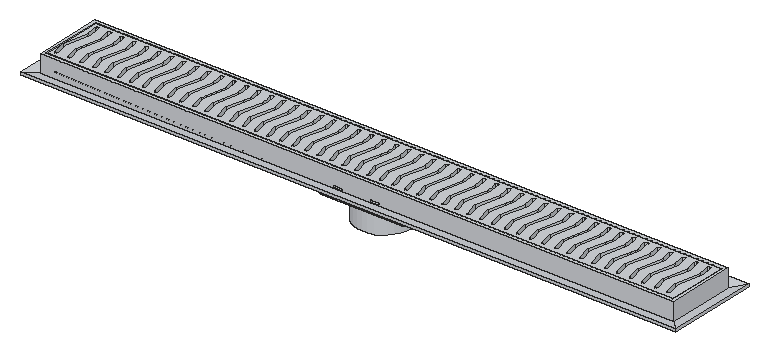
Revit family "Ralo Linear Grelha Branca - Caixas e Ralos - Esgoto - MEP - Tigre", category Plumbing Fixtures, host Face, Revit 2022 (continued)
Automatic sketch dimensions
  Extrusion 25 sketch curve to Extrusion 25 sketch curve = 1.334 mm  (x2)
  Extrusion 25 sketch curve to Extrusion 25 sketch curve = 2.699 mm
  Extrusion 25 sketch curve to Extrusion 25 sketch curve = 2.829 mm
  Extrusion 25 sketch curve to Extrusion 25 sketch curve = 8.683 mm
  Extrusion 25 sketch curve to Extrusion 25 sketch curve = 0.073 mm
  Extrusion 25 sketch curve to Extrusion 25 sketch curve = 1.772 mm
  Extrusion 25 sketch curve to Extrusion 25 sketch curve = 0.239 mm
  Extrusion 25 sketch curve to Extrusion 25 sketch curve = 19.441 mm
  Extrusion 25 sketch curve to Extrusion 25 sketch curve = 0.027 mm
  Extrusion 25 sketch curve to Extrusion 25 sketch curve = 10.736 mm
  Extrusion 25 sketch curve to Extrusion 25 sketch curve = 0.335 mm
  Extrusion 26 sketch curve to Extrusion 26 sketch curve = 1.628 mm
  Extrusion 26 sketch curve to Extrusion 26 sketch curve = 2.805 mm
  Extrusion 26 sketch curve to Extrusion 26 sketch curve = 1.354 mm  (x2)
  Extrusion 26 sketch curve to Extrusion 26 sketch curve = 1.334 mm  (x2)
  Extrusion 26 sketch curve to Extrusion 26 sketch curve = 2.699 mm
  Extrusion 26 sketch curve to Extrusion 26 sketch curve = 2.829 mm
  Extrusion 26 sketch curve to Extrusion 26 sketch curve = 8.683 mm
  Extrusion 26 sketch curve to Extrusion 26 sketch curve = 0.073 mm
  Extrusion 26 sketch curve to Extrusion 26 sketch curve = 1.772 mm
  Extrusion 26 sketch curve to Extrusion 26 sketch curve = 0.239 mm
  Extrusion 26 sketch curve to Extrusion 26 sketch curve = 19.441 mm
  Extrusion 26 sketch curve to Extrusion 26 sketch curve = 0.027 mm
  Extrusion 26 sketch curve to Extrusion 26 sketch curve = 10.736 mm
  Extrusion 26 sketch curve to Extrusion 26 sketch curve = 0.335 mm
  Extrusion 27 sketch curve to Extrusion 27 sketch curve = 1.628 mm
  Extrusion 27 sketch curve to Extrusion 27 sketch curve = 2.805 mm
  Extrusion 27 sketch curve to Extrusion 27 sketch curve = 1.354 mm  (x2)
  Extrusion 27 sketch curve to Extrusion 27 sketch curve = 1.334 mm  (x2)
  Extrusion 27 sketch curve to Extrusion 27 sketch curve = 2.699 mm
  Extrusion 27 sketch curve to Extrusion 27 sketch curve = 2.829 mm
  Extrusion 27 sketch curve to Extrusion 27 sketch curve = 8.683 mm
  Extrusion 27 sketch curve to Extrusion 27 sketch curve = 0.073 mm
  Extrusion 27 sketch curve to Extrusion 27 sketch curve = 1.772 mm
  Extrusion 27 sketch curve to Extrusion 27 sketch curve = 0.239 mm
  Extrusion 27 sketch curve to Extrusion 27 sketch curve = 19.441 mm
  Extrusion 27 sketch curve to Extrusion 27 sketch curve = 0.027 mm
  Extrusion 27 sketch curve to Extrusion 27 sketch curve = 10.736 mm
  Extrusion 27 sketch curve to Extrusion 27 sketch curve = 0.335 mm
  Extrusion 28 sketch curve to Extrusion 28 sketch curve = 1.628 mm
  Extrusion 28 sketch curve to Extrusion 28 sketch curve = 2.805 mm
  Extrusion 28 sketch curve to Extrusion 28 sketch curve = 1.354 mm  (x2)
  Extrusion 28 sketch curve to Extrusion 28 sketch curve = 1.334 mm  (x2)
  Extrusion 28 sketch curve to Extrusion 28 sketch curve = 2.699 mm
  Extrusion 28 sketch curve to Extrusion 28 sketch curve = 2.829 mm
  Extrusion 28 sketch curve to Extrusion 28 sketch curve = 8.683 mm
  Extrusion 28 sketch curve to Extrusion 28 sketch curve = 0.073 mm
  Extrusion 28 sketch curve to Extrusion 28 sketch curve = 1.772 mm
  Extrusion 28 sketch curve to Extrusion 28 sketch curve = 0.239 mm
  Extrusion 28 sketch curve to Extrusion 28 sketch curve = 19.441 mm
  Extrusion 28 sketch curve to Extrusion 28 sketch curve = 0.027 mm
  Extrusion 28 sketch curve to Extrusion 28 sketch curve = 10.736 mm
  Extrusion 28 sketch curve to Extrusion 28 sketch curve = 0.335 mm
  Extrusion 29 sketch curve to Extrusion 29 sketch curve = 1.628 mm
  Extrusion 29 sketch curve to Extrusion 29 sketch curve = 2.805 mm
  Extrusion 29 sketch curve to Extrusion 29 sketch curve = 1.354 mm  (x2)
  Extrusion 29 sketch curve to Extrusion 29 sketch curve = 1.334 mm  (x2)
  Extrusion 29 sketch curve to Extrusion 29 sketch curve = 2.699 mm
  Extrusion 29 sketch curve to Extrusion 29 sketch curve = 2.829 mm
  Extrusion 29 sketch curve to Extrusion 29 sketch curve = 8.683 mm
  Extrusion 29 sketch curve to Extrusion 29 sketch curve = 0.073 mm
  Extrusion 29 sketch curve to Extrusion 29 sketch curve = 1.772 mm
  Extrusion 29 sketch curve to Extrusion 29 sketch curve = 0.239 mm
  Extrusion 29 sketch curve to Extrusion 29 sketch curve = 19.441 mm
  Extrusion 29 sketch curve to Extrusion 29 sketch curve = 0.027 mm
  Extrusion 29 sketch curve to Extrusion 29 sketch curve = 10.736 mm
  Extrusion 29 sketch curve to Extrusion 29 sketch curve = 0.335 mm
  Extrusion 30 sketch curve to Extrusion 30 sketch curve = 1.628 mm
  Extrusion 30 sketch curve to Extrusion 30 sketch curve = 2.805 mm
  Extrusion 30 sketch curve to Extrusion 30 sketch curve = 1.354 mm  (x2)
  Extrusion 30 sketch curve to Extrusion 30 sketch curve = 1.334 mm  (x2)
  Extrusion 30 sketch curve to Extrusion 30 sketch curve = 2.699 mm
  Extrusion 30 sketch curve to Extrusion 30 sketch curve = 2.829 mm
  Extrusion 30 sketch curve to Extrusion 30 sketch curve = 8.683 mm
  Extrusion 30 sketch curve to Extrusion 30 sketch curve = 0.073 mm
  Extrusion 30 sketch curve to Extrusion 30 sketch curve = 1.772 mm
  Extrusion 30 sketch curve to Extrusion 30 sketch curve = 0.239 mm
  Extrusion 30 sketch curve to Extrusion 30 sketch curve = 19.441 mm
  Extrusion 30 sketch curve to Extrusion 30 sketch curve = 0.027 mm
  Extrusion 30 sketch curve to Extrusion 30 sketch curve = 10.736 mm
  Extrusion 30 sketch curve to Extrusion 30 sketch curve = 0.335 mm
  Extrusion 31 sketch curve to Extrusion 31 sketch curve = 1.628 mm
  Extrusion 31 sketch curve to Extrusion 31 sketch curve = 2.805 mm
  Extrusion 31 sketch curve to Extrusion 31 sketch curve = 1.354 mm  (x2)
  Extrusion 31 sketch curve to Extrusion 31 sketch curve = 1.334 mm  (x2)
  Extrusion 31 sketch curve to Extrusion 31 sketch curve = 2.699 mm
  Extrusion 31 sketch curve to Extrusion 31 sketch curve = 2.829 mm
  Extrusion 31 sketch curve to Extrusion 31 sketch curve = 8.683 mm
  Extrusion 31 sketch curve to Extrusion 31 sketch curve = 0.073 mm
  Extrusion 31 sketch curve to Extrusion 31 sketch curve = 1.772 mm
  Extrusion 31 sketch curve to Extrusion 31 sketch curve = 0.239 mm
  Extrusion 31 sketch curve to Extrusion 31 sketch curve = 19.441 mm
  Extrusion 31 sketch curve to Extrusion 31 sketch curve = 0.027 mm
  Extrusion 31 sketch curve to Extrusion 31 sketch curve = 10.736 mm
  Extrusion 31 sketch curve to Extrusion 31 sketch curve = 0.335 mm
  Extrusion 32 sketch curve to Extrusion 32 sketch curve = 1.628 mm
  Extrusion 32 sketch curve to Extrusion 32 sketch curve = 2.805 mm
  Extrusion 32 sketch curve to Extrusion 32 sketch curve = 1.354 mm  (x2)
  Extrusion 32 sketch curve to Extrusion 32 sketch curve = 1.334 mm  (x2)
  Extrusion 32 sketch curve to Extrusion 32 sketch curve = 2.699 mm
  Extrusion 32 sketch curve to Extrusion 32 sketch curve = 2.829 mm
  Extrusion 32 sketch curve to Extrusion 32 sketch curve = 8.683 mm
  Extrusion 32 sketch curve to Extrusion 32 sketch curve = 0.073 mm
  Extrusion 32 sketch curve to Extrusion 32 sketch curve = 1.772 mm
  Extrusion 32 sketch curve to Extrusion 32 sketch curve = 0.239 mm
  Extrusion 32 sketch curve to Extrusion 32 sketch curve = 19.441 mm
  Extrusion 32 sketch curve to Extrusion 32 sketch curve = 0.027 mm
  Extrusion 32 sketch curve to Extrusion 32 sketch curve = 10.736 mm
  Extrusion 32 sketch curve to Extrusion 32 sketch curve = 0.335 mm
  Extrusion 33 sketch curve to Extrusion 33 sketch curve = 1.628 mm
  Extrusion 33 sketch curve to Extrusion 33 sketch curve = 2.805 mm
  Extrusion 33 sketch curve to Extrusion 33 sketch curve = 1.354 mm  (x2)
  Extrusion 33 sketch curve to Extrusion 33 sketch curve = 1.334 mm  (x2)
  Extrusion 33 sketch curve to Extrusion 33 sketch curve = 2.699 mm
  Extrusion 33 sketch curve to Extrusion 33 sketch curve = 2.829 mm
  Extrusion 33 sketch curve to Extrusion 33 sketch curve = 8.683 mm
  Extrusion 33 sketch curve to Extrusion 33 sketch curve = 0.073 mm
  Extrusion 33 sketch curve to Extrusion 33 sketch curve = 1.772 mm
  Extrusion 33 sketch curve to Extrusion 33 sketch curve = 0.239 mm
  Extrusion 33 sketch curve to Extrusion 33 sketch curve = 19.441 mm
  Extrusion 33 sketch curve to Extrusion 33 sketch curve = 0.027 mm
  Extrusion 33 sketch curve to Extrusion 33 sketch curve = 10.736 mm
  Extrusion 33 sketch curve to Extrusion 33 sketch curve = 0.335 mm
  Extrusion 34 sketch curve to Extrusion 34 sketch curve = 1.628 mm
  Extrusion 34 sketch curve to Extrusion 34 sketch curve = 2.805 mm
  Extrusion 34 sketch curve to Extrusion 34 sketch curve = 1.354 mm  (x2)
  Extrusion 34 sketch curve to Extrusion 34 sketch curve = 1.334 mm  (x2)
  Extrusion 34 sketch curve to Extrusion 34 sketch curve = 2.699 mm
  Extrusion 34 sketch curve to Extrusion 34 sketch curve = 2.829 mm
  Extrusion 34 sketch curve to Extrusion 34 sketch curve = 8.683 mm
  Extrusion 34 sketch curve to Extrusion 34 sketch curve = 0.073 mm
  Extrusion 34 sketch curve to Extrusion 34 sketch curve = 1.772 mm
  Extrusion 34 sketch curve to Extrusion 34 sketch curve = 0.239 mm
  Extrusion 34 sketch curve to Extrusion 34 sketch curve = 19.441 mm
  Extrusion 34 sketch curve to Extrusion 34 sketch curve = 0.027 mm
  Extrusion 34 sketch curve to Extrusion 34 sketch curve = 10.736 mm
  Extrusion 34 sketch curve to Extrusion 34 sketch curve = 0.335 mm
  Extrusion 35 sketch curve to Extrusion 35 sketch curve = 1.628 mm
  Extrusion 35 sketch curve to Extrusion 35 sketch curve = 2.805 mm
  Extrusion 35 sketch curve to Extrusion 35 sketch curve = 1.354 mm  (x2)
  Extrusion 35 sketch curve to Extrusion 35 sketch curve = 1.334 mm  (x2)
  Extrusion 35 sketch curve to Extrusion 35 sketch curve = 2.699 mm
  Extrusion 35 sketch curve to Extrusion 35 sketch curve = 2.829 mm
  Extrusion 35 sketch curve to Extrusion 35 sketch curve = 8.683 mm
  Extrusion 35 sketch curve to Extrusion 35 sketch curve = 0.073 mm
  Extrusion 35 sketch curve to Extrusion 35 sketch curve = 1.772 mm
  Extrusion 35 sketch curve to Extrusion 35 sketch curve = 0.239 mm
  Extrusion 35 sketch curve to Extrusion 35 sketch curve = 19.441 mm
  Extrusion 35 sketch curve to Extrusion 35 sketch curve = 0.027 mm
  Extrusion 35 sketch curve to Extrusion 35 sketch curve = 10.736 mm
  Extrusion 35 sketch curve to Extrusion 35 sketch curve = 0.335 mm
  Extrusion 36 sketch curve to Extrusion 36 sketch curve = 1.628 mm
  Extrusion 36 sketch curve to Extrusion 36 sketch curve = 2.805 mm
  Extrusion 36 sketch curve to Extrusion 36 sketch curve = 1.354 mm  (x2)
  Extrusion 36 sketch curve to Extrusion 36 sketch curve = 1.334 mm  (x2)
  Extrusion 36 sketch curve to Extrusion 36 sketch curve = 2.699 mm
  Extrusion 36 sketch curve to Extrusion 36 sketch curve = 2.829 mm
  Extrusion 36 sketch curve to Extrusion 36 sketch curve = 8.683 mm
  Extrusion 36 sketch curve to Extrusion 36 sketch curve = 0.073 mm
  Extrusion 36 sketch curve to Extrusion 36 sketch curve = 1.772 mm
  Extrusion 36 sketch curve to Extrusion 36 sketch curve = 0.239 mm
  Extrusion 36 sketch curve to Extrusion 36 sketch curve = 19.441 mm
  Extrusion 36 sketch curve to Extrusion 36 sketch curve = 0.027 mm
  Extrusion 36 sketch curve to Extrusion 36 sketch curve = 10.736 mm
  Extrusion 36 sketch curve to Extrusion 36 sketch curve = 0.335 mm
  Extrusion 37 sketch curve to Extrusion 37 sketch curve = 2.805 mm
  Extrusion 37 sketch curve to Extrusion 37 sketch curve = 1.354 mm  (x2)
  Extrusion 37 sketch curve to Extrusion 37 sketch curve = 1.334 mm  (x2)
  Extrusion 37 sketch curve to Extrusion 37 sketch curve = 0.239 mm
  Extrusion 37 sketch curve to Extrusion 37 sketch curve = 8.683 mm
  Extrusion 37 sketch curve to Extrusion 37 sketch curve = 0.073 mm
  Extrusion 37 sketch curve to Extrusion 37 sketch curve = 0.027 mm
  Extrusion 37 sketch curve to Extrusion 37 sketch curve = 0.335 mm
  Extrusion 37 sketch curve to Extrusion 37 sketch curve = 1.177 mm
  Extrusion 37 sketch curve to Extrusion 37 sketch curve = 1.772 mm
  Extrusion 37 sketch curve to Extrusion 37 sketch curve = 2.699 mm
  Extrusion 37 sketch curve to Extrusion 37 sketch curve = 2.829 mm
  Extrusion 37 sketch curve to Extrusion 37 sketch curve = 19.441 mm
  Extrusion 37 sketch curve to Extrusion 37 sketch curve = 10.736 mm
  Extrusion 38 sketch curve to Extrusion 38 sketch curve = 2.805 mm
  Extrusion 38 sketch curve to Extrusion 38 sketch curve = 1.354 mm  (x2)
  Extrusion 38 sketch curve to Extrusion 38 sketch curve = 1.334 mm  (x2)
  Extrusion 38 sketch curve to Extrusion 38 sketch curve = 0.239 mm
  Extrusion 38 sketch curve to Extrusion 38 sketch curve = 8.683 mm
  Extrusion 38 sketch curve to Extrusion 38 sketch curve = 0.073 mm
  Extrusion 38 sketch curve to Extrusion 38 sketch curve = 0.027 mm
  Extrusion 38 sketch curve to Extrusion 38 sketch curve = 0.335 mm
  Extrusion 38 sketch curve to Extrusion 38 sketch curve = 1.177 mm
  Extrusion 38 sketch curve to Extrusion 38 sketch curve = 1.772 mm
  Extrusion 38 sketch curve to Extrusion 38 sketch curve = 2.699 mm
  Extrusion 38 sketch curve to Extrusion 38 sketch curve = 2.829 mm
  Extrusion 38 sketch curve to Extrusion 38 sketch curve = 19.441 mm
  Extrusion 38 sketch curve to Extrusion 38 sketch curve = 10.736 mm
  Extrusion 39 sketch curve to Extrusion 39 sketch curve = 2.805 mm
  Extrusion 39 sketch curve to Extrusion 39 sketch curve = 1.354 mm  (x2)
  Extrusion 39 sketch curve to Extrusion 39 sketch curve = 1.334 mm  (x2)
  Extrusion 39 sketch curve to Extrusion 39 sketch curve = 0.239 mm
  Extrusion 39 sketch curve to Extrusion 39 sketch curve = 8.683 mm
  Extrusion 39 sketch curve to Extrusion 39 sketch curve = 0.073 mm
  Extrusion 39 sketch curve to Extrusion 39 sketch curve = 0.027 mm
  Extrusion 39 sketch curve to Extrusion 39 sketch curve = 0.335 mm
  Extrusion 39 sketch curve to Extrusion 39 sketch curve = 1.177 mm
  Extrusion 39 sketch curve to Extrusion 39 sketch curve = 1.772 mm
  Extrusion 39 sketch curve to Extrusion 39 sketch curve = 2.699 mm
  Extrusion 39 sketch curve to Extrusion 39 sketch curve = 2.829 mm
  Extrusion 39 sketch curve to Extrusion 39 sketch curve = 19.441 mm
  Extrusion 39 sketch curve to Extrusion 39 sketch curve = 10.736 mm
  Extrusion 40 sketch curve to Extrusion 40 sketch curve = 2.805 mm
  Extrusion 40 sketch curve to Extrusion 40 sketch curve = 1.354 mm  (x2)
  Extrusion 40 sketch curve to Extrusion 40 sketch curve = 1.334 mm  (x2)
  Extrusion 40 sketch curve to Extrusion 40 sketch curve = 0.239 mm
  Extrusion 40 sketch curve to Extrusion 40 sketch curve = 8.683 mm
  Extrusion 40 sketch curve to Extrusion 40 sketch curve = 0.073 mm
  Extrusion 40 sketch curve to Extrusion 40 sketch curve = 0.027 mm
  Extrusion 40 sketch curve to Extrusion 40 sketch curve = 0.335 mm
  Extrusion 40 sketch curve to Extrusion 40 sketch curve = 1.177 mm
  Extrusion 40 sketch curve to Extrusion 40 sketch curve = 1.772 mm
  Extrusion 40 sketch curve to Extrusion 40 sketch curve = 2.699 mm
  Extrusion 40 sketch curve to Extrusion 40 sketch curve = 2.829 mm
  Extrusion 40 sketch curve to Extrusion 40 sketch curve = 19.441 mm
  Extrusion 40 sketch curve to Extrusion 40 sketch curve = 10.736 mm
  Extrusion 41 sketch curve to Extrusion 41 sketch curve = 2.805 mm
  Extrusion 41 sketch curve to Extrusion 41 sketch curve = 1.354 mm  (x2)
  Extrusion 41 sketch curve to Extrusion 41 sketch curve = 1.334 mm  (x2)
  Extrusion 41 sketch curve to Extrusion 41 sketch curve = 0.239 mm
  Extrusion 41 sketch curve to Extrusion 41 sketch curve = 8.683 mm
  Extrusion 41 sketch curve to Extrusion 41 sketch curve = 0.073 mm
  Extrusion 41 sketch curve to Extrusion 41 sketch curve = 0.027 mm
  Extrusion 41 sketch curve to Extrusion 41 sketch curve = 0.335 mm
  Extrusion 41 sketch curve to Extrusion 41 sketch curve = 1.177 mm
  Extrusion 41 sketch curve to Extrusion 41 sketch curve = 1.772 mm
  Extrusion 41 sketch curve to Extrusion 41 sketch curve = 2.699 mm
  Extrusion 41 sketch curve to Extrusion 41 sketch curve = 2.829 mm
  Extrusion 41 sketch curve to Extrusion 41 sketch curve = 19.441 mm
  Extrusion 41 sketch curve to Extrusion 41 sketch curve = 10.736 mm
  Extrusion 42 sketch curve to Extrusion 42 sketch curve = 2.805 mm
  Extrusion 42 sketch curve to Extrusion 42 sketch curve = 1.354 mm  (x2)
  Extrusion 42 sketch curve to Extrusion 42 sketch curve = 1.334 mm  (x2)
  Extrusion 42 sketch curve to Extrusion 42 sketch curve = 0.239 mm
  Extrusion 42 sketch curve to Extrusion 42 sketch curve = 8.683 mm
  Extrusion 42 sketch curve to Extrusion 42 sketch curve = 0.073 mm
  Extrusion 42 sketch curve to Extrusion 42 sketch curve = 0.027 mm
  Extrusion 42 sketch curve to Extrusion 42 sketch curve = 0.335 mm
  Extrusion 42 sketch curve to Extrusion 42 sketch curve = 1.177 mm
  Extrusion 42 sketch curve to Extrusion 42 sketch curve = 1.772 mm
  Extrusion 42 sketch curve to Extrusion 42 sketch curve = 2.699 mm
  Extrusion 42 sketch curve to Extrusion 42 sketch curve = 2.829 mm
  Extrusion 42 sketch curve to Extrusion 42 sketch curve = 19.441 mm
  Extrusion 42 sketch curve to Extrusion 42 sketch curve = 10.736 mm
  Extrusion 43 sketch curve to Extrusion 43 sketch curve = 2.805 mm
  Extrusion 43 sketch curve to Extrusion 43 sketch curve = 1.354 mm  (x2)
  Extrusion 43 sketch curve to Extrusion 43 sketch curve = 1.334 mm  (x2)
  Extrusion 43 sketch curve to Extrusion 43 sketch curve = 0.239 mm
  Extrusion 43 sketch curve to Extrusion 43 sketch curve = 8.683 mm
  Extrusion 43 sketch curve to Extrusion 43 sketch curve = 0.073 mm
  Extrusion 43 sketch curve to Extrusion 43 sketch curve = 0.027 mm
  Extrusion 43 sketch curve to Extrusion 43 sketch curve = 0.335 mm
  Extrusion 43 sketch curve to Extrusion 43 sketch curve = 1.177 mm
  Extrusion 43 sketch curve to Extrusion 43 sketch curve = 1.772 mm
  Extrusion 43 sketch curve to Extrusion 43 sketch curve = 2.699 mm
  Extrusion 43 sketch curve to Extrusion 43 sketch curve = 2.829 mm
  Extrusion 43 sketch curve to Extrusion 43 sketch curve = 19.441 mm
  Extrusion 43 sketch curve to Extrusion 43 sketch curve = 10.736 mm
  Extrusion 44 sketch curve to Extrusion 44 sketch curve = 2.805 mm
  Extrusion 44 sketch curve to Extrusion 44 sketch curve = 1.354 mm  (x2)
  Extrusion 44 sketch curve to Extrusion 44 sketch curve = 1.334 mm  (x2)
  Extrusion 44 sketch curve to Extrusion 44 sketch curve = 0.239 mm
  Extrusion 44 sketch curve to Extrusion 44 sketch curve = 8.683 mm
  Extrusion 44 sketch curve to Extrusion 44 sketch curve = 0.073 mm
  Extrusion 44 sketch curve to Extrusion 44 sketch curve = 0.027 mm
  Extrusion 44 sketch curve to Extrusion 44 sketch curve = 0.335 mm
  Extrusion 44 sketch curve to Extrusion 44 sketch curve = 1.177 mm
  Extrusion 44 sketch curve to Extrusion 44 sketch curve = 1.772 mm
  Extrusion 44 sketch curve to Extrusion 44 sketch curve = 2.699 mm
  Extrusion 44 sketch curve to Extrusion 44 sketch curve = 2.829 mm
  Extrusion 44 sketch curve to Extrusion 44 sketch curve = 19.441 mm
  Extrusion 44 sketch curve to Extrusion 44 sketch curve = 10.736 mm
  Extrusion 45 sketch curve to Extrusion 45 sketch curve = 2.805 mm
  Extrusion 45 sketch curve to Extrusion 45 sketch curve = 1.354 mm  (x2)
  Extrusion 45 sketch curve to Extrusion 45 sketch curve = 1.334 mm  (x2)
  Extrusion 45 sketch curve to Extrusion 45 sketch curve = 0.239 mm
  Extrusion 45 sketch curve to Extrusion 45 sketch curve = 8.683 mm
  Extrusion 45 sketch curve to Extrusion 45 sketch curve = 0.073 mm
  Extrusion 45 sketch curve to Extrusion 45 sketch curve = 0.027 mm
  Extrusion 45 sketch curve to Extrusion 45 sketch curve = 0.335 mm
  Extrusion 45 sketch curve to Extrusion 45 sketch curve = 1.177 mm
  Extrusion 45 sketch curve to Extrusion 45 sketch curve = 1.772 mm
  Extrusion 45 sketch curve to Extrusion 45 sketch curve = 2.699 mm
  Extrusion 45 sketch curve to Extrusion 45 sketch curve = 2.829 mm
  Extrusion 45 sketch curve to Extrusion 45 sketch curve = 19.441 mm
  Extrusion 45 sketch curve to Extrusion 45 sketch curve = 10.736 mm
  Extrusion 46 sketch curve to Extrusion 46 sketch curve = 2.805 mm
  Extrusion 46 sketch curve to Extrusion 46 sketch curve = 1.354 mm  (x2)
  Extrusion 46 sketch curve to Extrusion 46 sketch curve = 1.334 mm  (x2)
  Extrusion 46 sketch curve to Extrusion 46 sketch curve = 0.239 mm
  Extrusion 46 sketch curve to Extrusion 46 sketch curve = 8.683 mm
  Extrusion 46 sketch curve to Extrusion 46 sketch curve = 0.073 mm
  Extrusion 46 sketch curve to Extrusion 46 sketch curve = 0.027 mm
  Extrusion 46 sketch curve to Extrusion 46 sketch curve = 0.335 mm
  Extrusion 46 sketch curve to Extrusion 46 sketch curve = 1.177 mm
  Extrusion 46 sketch curve to Extrusion 46 sketch curve = 1.772 mm
  Extrusion 46 sketch curve to Extrusion 46 sketch curve = 2.699 mm
  Extrusion 46 sketch curve to Extrusion 46 sketch curve = 2.829 mm
  Extrusion 46 sketch curve to Extrusion 46 sketch curve = 19.441 mm
  Extrusion 46 sketch curve to Extrusion 46 sketch curve = 10.736 mm
  Extrusion 47 sketch curve to Extrusion 47 sketch curve = 2.805 mm
  Extrusion 47 sketch curve to Extrusion 47 sketch curve = 1.354 mm  (x2)
  Extrusion 47 sketch curve to Extrusion 47 sketch curve = 1.334 mm  (x2)
  Extrusion 47 sketch curve to Extrusion 47 sketch curve = 0.239 mm
  Extrusion 47 sketch curve to Extrusion 47 sketch curve = 8.683 mm
  Extrusion 47 sketch curve to Extrusion 47 sketch curve = 0.073 mm
  Extrusion 47 sketch curve to Extrusion 47 sketch curve = 0.027 mm
  Extrusion 47 sketch curve to Extrusion 47 sketch curve = 0.335 mm
  Extrusion 47 sketch curve to Extrusion 47 sketch curve = 1.177 mm
  Extrusion 47 sketch curve to Extrusion 47 sketch curve = 1.772 mm
  Extrusion 47 sketch curve to Extrusion 47 sketch curve = 2.699 mm
  Extrusion 47 sketch curve to Extrusion 47 sketch curve = 2.829 mm
  Extrusion 47 sketch curve to Extrusion 47 sketch curve = 19.441 mm
  Extrusion 47 sketch curve to Extrusion 47 sketch curve = 10.736 mm
  Extrusion 48 sketch curve to Extrusion 48 sketch curve = 2.805 mm
  Extrusion 48 sketch curve to Extrusion 48 sketch curve = 1.354 mm  (x2)
  Extrusion 48 sketch curve to Extrusion 48 sketch curve = 1.334 mm  (x2)
  Extrusion 48 sketch curve to Extrusion 48 sketch curve = 0.239 mm
  Extrusion 48 sketch curve to Extrusion 48 sketch curve = 8.683 mm
  Extrusion 48 sketch curve to Extrusion 48 sketch curve = 0.073 mm
  Extrusion 48 sketch curve to Extrusion 48 sketch curve = 0.027 mm
  Extrusion 48 sketch curve to Extrusion 48 sketch curve = 0.335 mm
  Extrusion 48 sketch curve to Extrusion 48 sketch curve = 1.177 mm
  Extrusion 48 sketch curve to Extrusion 48 sketch curve = 1.772 mm
  Extrusion 48 sketch curve to Extrusion 48 sketch curve = 2.699 mm
  Extrusion 48 sketch curve to Extrusion 48 sketch curve = 2.829 mm
  Extrusion 48 sketch curve to Extrusion 48 sketch curve = 19.441 mm
  Extrusion 48 sketch curve to Extrusion 48 sketch curve = 10.736 mm
  Extrusion 49 sketch curve to Extrusion 49 sketch curve = 2.805 mm
  Extrusion 49 sketch curve to Extrusion 49 sketch curve = 1.354 mm  (x2)
  Extrusion 49 sketch curve to Extrusion 49 sketch curve = 1.334 mm  (x2)
  Extrusion 49 sketch curve to Extrusion 49 sketch curve = 0.239 mm
  Extrusion 49 sketch curve to Extrusion 49 sketch curve = 8.683 mm
  Extrusion 49 sketch curve to Extrusion 49 sketch curve = 0.073 mm
  Extrusion 49 sketch curve to Extrusion 49 sketch curve = 0.027 mm
  Extrusion 49 sketch curve to Extrusion 49 sketch curve = 0.335 mm
  Extrusion 49 sketch curve to Extrusion 49 sketch curve = 1.177 mm
  Extrusion 49 sketch curve to Extrusion 49 sketch curve = 1.772 mm
  Extrusion 49 sketch curve to Extrusion 49 sketch curve = 2.699 mm
  Extrusion 49 sketch curve to Extrusion 49 sketch curve = 2.829 mm
  Extrusion 49 sketch curve to Extrusion 49 sketch curve = 19.441 mm
  Extrusion 49 sketch curve to Extrusion 49 sketch curve = 10.736 mm
  Extrusion 50 sketch curve to Extrusion 50 sketch curve = 2.805 mm
  Extrusion 50 sketch curve to Extrusion 50 sketch curve = 1.354 mm  (x2)
  Extrusion 50 sketch curve to Extrusion 50 sketch curve = 1.334 mm  (x2)
  Extrusion 50 sketch curve to Extrusion 50 sketch curve = 0.239 mm
  Extrusion 50 sketch curve to Extrusion 50 sketch curve = 8.683 mm
  Extrusion 50 sketch curve to Extrusion 50 sketch curve = 0.073 mm
  Extrusion 50 sketch curve to Extrusion 50 sketch curve = 0.027 mm
  Extrusion 50 sketch curve to Extrusion 50 sketch curve = 0.335 mm
  Extrusion 50 sketch curve to Extrusion 50 sketch curve = 1.177 mm
  Extrusion 50 sketch curve to Extrusion 50 sketch curve = 1.772 mm
  Extrusion 50 sketch curve to Extrusion 50 sketch curve = 2.699 mm
  Extrusion 50 sketch curve to Extrusion 50 sketch curve = 2.829 mm
  Extrusion 50 sketch curve to Extrusion 50 sketch curve = 19.441 mm
  Extrusion 50 sketch curve to Extrusion 50 sketch curve = 10.736 mm
  Extrusion 51 sketch curve to Extrusion 51 sketch curve = 2.805 mm
  Extrusion 51 sketch curve to Extrusion 51 sketch curve = 1.354 mm  (x2)
  Extrusion 51 sketch curve to Extrusion 51 sketch curve = 1.334 mm  (x2)
  Extrusion 51 sketch curve to Extrusion 51 sketch curve = 0.239 mm
  Extrusion 51 sketch curve to Extrusion 51 sketch curve = 8.683 mm
  Extrusion 51 sketch curve to Extrusion 51 sketch curve = 0.073 mm
  Extrusion 51 sketch curve to Extrusion 51 sketch curve = 0.027 mm
  Extrusion 51 sketch curve to Extrusion 51 sketch curve = 0.335 mm
  Extrusion 51 sketch curve to Extrusion 51 sketch curve = 1.177 mm
  Extrusion 51 sketch curve to Extrusion 51 sketch curve = 1.772 mm
  Extrusion 51 sketch curve to Extrusion 51 sketch curve = 2.699 mm
  Extrusion 51 sketch curve to Extrusion 51 sketch curve = 2.829 mm
  Extrusion 51 sketch curve to Extrusion 51 sketch curve = 19.441 mm
  Extrusion 51 sketch curve to Extrusion 51 sketch curve = 10.736 mm
  Extrusion 52 sketch curve to Extrusion 52 sketch curve = 2.805 mm
  Extrusion 52 sketch curve to Extrusion 52 sketch curve = 1.354 mm  (x2)
  Extrusion 52 sketch curve to Extrusion 52 sketch curve = 1.334 mm  (x2)
  Extrusion 52 sketch curve to Extrusion 52 sketch curve = 0.239 mm
  Extrusion 52 sketch curve to Extrusion 52 sketch curve = 8.683 mm
  Extrusion 52 sketch curve to Extrusion 52 sketch curve = 0.073 mm
  Extrusion 52 sketch curve to Extrusion 52 sketch curve = 0.027 mm
  Extrusion 52 sketch curve to Extrusion 52 sketch curve = 0.335 mm
  Extrusion 52 sketch curve to Extrusion 52 sketch curve = 1.177 mm
  Extrusion 52 sketch curve to Extrusion 52 sketch curve = 1.772 mm
  Extrusion 52 sketch curve to Extrusion 52 sketch curve = 2.699 mm
  Extrusion 52 sketch curve to Extrusion 52 sketch curve = 2.829 mm
  Extrusion 52 sketch curve to Extrusion 52 sketch curve = 19.441 mm
  Extrusion 52 sketch curve to Extrusion 52 sketch curve = 10.736 mm
  Extrusion 53 sketch curve to Extrusion 53 sketch curve = 2.805 mm
  Extrusion 53 sketch curve to Extrusion 53 sketch curve = 1.354 mm  (x2)
  Extrusion 53 sketch curve to Extrusion 53 sketch curve = 1.334 mm  (x2)
  Extrusion 53 sketch curve to Extrusion 53 sketch curve = 0.239 mm
  Extrusion 53 sketch curve to Extrusion 53 sketch curve = 8.683 mm
  Extrusion 53 sketch curve to Extrusion 53 sketch curve = 0.073 mm
  Extrusion 53 sketch curve to Extrusion 53 sketch curve = 0.027 mm
  Extrusion 53 sketch curve to Extrusion 53 sketch curve = 0.335 mm
  Extrusion 53 sketch curve to Extrusion 53 sketch curve = 1.177 mm
  Extrusion 53 sketch curve to Extrusion 53 sketch curve = 1.772 mm
  Extrusion 53 sketch curve to Extrusion 53 sketch curve = 2.699 mm
  Extrusion 53 sketch curve to Extrusion 53 sketch curve = 2.829 mm
  Extrusion 53 sketch curve to Extrusion 53 sketch curve = 19.441 mm
  Extrusion 53 sketch curve to Extrusion 53 sketch curve = 10.736 mm
  Extrusion 54 sketch curve to Extrusion 54 sketch curve = 2.805 mm
  Extrusion 54 sketch curve to Extrusion 54 sketch curve = 1.354 mm  (x2)
  Extrusion 54 sketch curve to Extrusion 54 sketch curve = 1.334 mm  (x2)
  Extrusion 54 sketch curve to Extrusion 54 sketch curve = 0.239 mm
  Extrusion 54 sketch curve to Extrusion 54 sketch curve = 8.683 mm
  Extrusion 54 sketch curve to Extrusion 54 sketch curve = 0.073 mm
  Extrusion 54 sketch curve to Extrusion 54 sketch curve = 0.027 mm
  Extrusion 54 sketch curve to Extrusion 54 sketch curve = 0.335 mm
  Extrusion 54 sketch curve to Extrusion 54 sketch curve = 1.177 mm
  Extrusion 54 sketch curve to Extrusion 54 sketch curve = 1.772 mm
  Extrusion 54 sketch curve to Extrusion 54 sketch curve = 2.699 mm
  Extrusion 54 sketch curve to Extrusion 54 sketch curve = 2.829 mm
  Extrusion 54 sketch curve to Extrusion 54 sketch curve = 19.441 mm
  Extrusion 54 sketch curve to Extrusion 54 sketch curve = 10.736 mm
  Extrusion 55 sketch curve to Extrusion 55 sketch curve = 2.805 mm
  Extrusion 55 sketch curve to Extrusion 55 sketch curve = 1.354 mm  (x2)
  Extrusion 55 sketch curve to Extrusion 55 sketch curve = 1.334 mm  (x2)
  Extrusion 55 sketch curve to Extrusion 55 sketch curve = 0.239 mm
  Extrusion 55 sketch curve to Extrusion 55 sketch curve = 8.683 mm
  Extrusion 55 sketch curve to Extrusion 55 sketch curve = 0.073 mm
  Extrusion 55 sketch curve to Extrusion 55 sketch curve = 0.027 mm
  Extrusion 55 sketch curve to Extrusion 55 sketch curve = 0.335 mm
  Extrusion 55 sketch curve to Extrusion 55 sketch curve = 1.177 mm
  Extrusion 55 sketch curve to Extrusion 55 sketch curve = 1.772 mm
  Extrusion 55 sketch curve to Extrusion 55 sketch curve = 2.699 mm
  Extrusion 55 sketch curve to Extrusion 55 sketch curve = 2.829 mm
  Extrusion 55 sketch curve to Extrusion 55 sketch curve = 19.441 mm
  Extrusion 55 sketch curve to Extrusion 55 sketch curve = 10.736 mm
  Extrusion 56 sketch curve to Extrusion 56 sketch curve = 2.805 mm
  Extrusion 56 sketch curve to Extrusion 56 sketch curve = 1.354 mm  (x2)
  Extrusion 56 sketch curve to Extrusion 56 sketch curve = 1.334 mm  (x2)
  Extrusion 56 sketch curve to Extrusion 56 sketch curve = 0.239 mm
  Extrusion 56 sketch curve to Extrusion 56 sketch curve = 8.683 mm
  Extrusion 56 sketch curve to Extrusion 56 sketch curve = 0.073 mm
  Extrusion 56 sketch curve to Extrusion 56 sketch curve = 0.027 mm
  Extrusion 56 sketch curve to Extrusion 56 sketch curve = 0.335 mm
  Extrusion 56 sketch curve to Extrusion 56 sketch curve = 1.177 mm
  Extrusion 56 sketch curve to Extrusion 56 sketch curve = 1.772 mm
  Extrusion 56 sketch curve to Extrusion 56 sketch curve = 2.699 mm
  Extrusion 56 sketch curve to Extrusion 56 sketch curve = 2.829 mm
  Extrusion 56 sketch curve to Extrusion 56 sketch curve = 19.441 mm
  Extrusion 56 sketch curve to Extrusion 56 sketch curve = 10.736 mm
  Extrusion 57 sketch curve to Extrusion 57 sketch curve = 2.805 mm
  Extrusion 57 sketch curve to Extrusion 57 sketch curve = 1.354 mm  (x2)
  Extrusion 57 sketch curve to Extrusion 57 sketch curve = 1.334 mm  (x2)
  Extrusion 57 sketch curve to Extrusion 57 sketch curve = 0.239 mm
  Extrusion 57 sketch curve to Extrusion 57 sketch curve = 8.683 mm
  Extrusion 57 sketch curve to Extrusion 57 sketch curve = 0.073 mm
  Extrusion 57 sketch curve to Extrusion 57 sketch curve = 0.027 mm
  Extrusion 57 sketch curve to Extrusion 57 sketch curve = 0.335 mm
  Extrusion 57 sketch curve to Extrusion 57 sketch curve = 1.177 mm
  Extrusion 57 sketch curve to Extrusion 57 sketch curve = 1.772 mm
  Extrusion 57 sketch curve to Extrusion 57 sketch curve = 2.699 mm
  Extrusion 57 sketch curve to Extrusion 57 sketch curve = 2.829 mm
  Extrusion 57 sketch curve to Extrusion 57 sketch curve = 19.441 mm
  Extrusion 57 sketch curve to Extrusion 57 sketch curve = 10.736 mm
  Extrusion 58 sketch curve to Extrusion 58 sketch curve = 2.805 mm
  Extrusion 58 sketch curve to Extrusion 58 sketch curve = 1.354 mm  (x2)
  Extrusion 58 sketch curve to Extrusion 58 sketch curve = 1.334 mm  (x2)
  Extrusion 58 sketch curve to Extrusion 58 sketch curve = 0.239 mm
  Extrusion 58 sketch curve to Extrusion 58 sketch curve = 8.683 mm
  Extrusion 58 sketch curve to Extrusion 58 sketch curve = 0.073 mm
  Extrusion 58 sketch curve to Extrusion 58 sketch curve = 0.027 mm
  Extrusion 58 sketch curve to Extrusion 58 sketch curve = 0.335 mm
  Extrusion 58 sketch curve to Extrusion 58 sketch curve = 1.177 mm
  Extrusion 58 sketch curve to Extrusion 58 sketch curve = 1.772 mm
  Extrusion 58 sketch curve to Extrusion 58 sketch curve = 2.699 mm
  Extrusion 58 sketch curve to Extrusion 58 sketch curve = 2.829 mm
  Extrusion 58 sketch curve to Extrusion 58 sketch curve = 19.441 mm
  Extrusion 58 sketch curve to Extrusion 58 sketch curve = 10.736 mm
  Extrusion 59 sketch curve to Extrusion 59 sketch curve = 2.805 mm
  Extrusion 59 sketch curve to Extrusion 59 sketch curve = 1.354 mm  (x2)
  Extrusion 59 sketch curve to Extrusion 59 sketch curve = 1.334 mm  (x2)
  Extrusion 59 sketch curve to Extrusion 59 sketch curve = 0.239 mm
  Extrusion 59 sketch curve to Extrusion 59 sketch curve = 8.683 mm
  Extrusion 59 sketch curve to Extrusion 59 sketch curve = 0.073 mm
  Extrusion 59 sketch curve to Extrusion 59 sketch curve = 0.027 mm
  Extrusion 59 sketch curve to Extrusion 59 sketch curve = 0.335 mm
  Extrusion 59 sketch curve to Extrusion 59 sketch curve = 1.177 mm
  Extrusion 59 sketch curve to Extrusion 59 sketch curve = 1.772 mm
  Extrusion 59 sketch curve to Extrusion 59 sketch curve = 2.699 mm
  Extrusion 59 sketch curve to Extrusion 59 sketch curve = 2.829 mm
  Extrusion 59 sketch curve to Extrusion 59 sketch curve = 19.441 mm
  Extrusion 59 sketch curve to Extrusion 59 sketch curve = 10.736 mm
  Extrusion 60 sketch curve to Extrusion 60 sketch curve = 2.805 mm
  Extrusion 60 sketch curve to Extrusion 60 sketch curve = 1.354 mm  (x2)
  Extrusion 60 sketch curve to Extrusion 60 sketch curve = 1.334 mm  (x2)
  Extrusion 60 sketch curve to Extrusion 60 sketch curve = 0.239 mm
  Extrusion 60 sketch curve to Extrusion 60 sketch curve = 8.683 mm
  Extrusion 60 sketch curve to Extrusion 60 sketch curve = 0.073 mm
  Extrusion 60 sketch curve to Extrusion 60 sketch curve = 0.027 mm
  Extrusion 60 sketch curve to Extrusion 60 sketch curve = 0.335 mm
  Extrusion 60 sketch curve to Extrusion 60 sketch curve = 1.177 mm
  Extrusion 60 sketch curve to Extrusion 60 sketch curve = 1.772 mm
  Extrusion 60 sketch curve to Extrusion 60 sketch curve = 2.699 mm
  Extrusion 60 sketch curve to Extrusion 60 sketch curve = 2.829 mm
  Extrusion 60 sketch curve to Extrusion 60 sketch curve = 19.441 mm
  Extrusion 60 sketch curve to Extrusion 60 sketch curve = 10.736 mm
  Extrusion 61 sketch curve to Extrusion 61 sketch curve = 2.805 mm
  Extrusion 61 sketch curve to Extrusion 61 sketch curve = 1.354 mm  (x2)
  Extrusion 61 sketch curve to Extrusion 61 sketch curve = 1.334 mm  (x2)
  Extrusion 61 sketch curve to Extrusion 61 sketch curve = 0.239 mm
  Extrusion 61 sketch curve to Extrusion 61 sketch curve = 8.683 mm
  Extrusion 61 sketch curve to Extrusion 61 sketch curve = 0.073 mm
  Extrusion 61 sketch curve to Extrusion 61 sketch curve = 0.027 mm
  Extrusion 61 sketch curve to Extrusion 61 sketch curve = 0.335 mm
  Extrusion 61 sketch curve to Extrusion 61 sketch curve = 1.177 mm
  Extrusion 61 sketch curve to Extrusion 61 sketch curve = 1.772 mm
  Extrusion 61 sketch curve to Extrusion 61 sketch curve = 2.699 mm
  Extrusion 61 sketch curve to Extrusion 61 sketch curve = 2.829 mm
  Extrusion 61 sketch curve to Extrusion 61 sketch curve = 19.441 mm
  Extrusion 61 sketch curve to Extrusion 61 sketch curve = 10.736 mm
  host sketch curve to host sketch curve = 820.712 mm
  host sketch curve to host sketch curve = 289.078 mm
  Blend 1 sketch curve to level = 0.00 mm  (x2)
  Blend 1 sketch curve to plane 17 = 0.00 mm  (x2)
  Blend 1 sketch curve to plane 15 = 0.00 mm  (x2)
  plane 8 to Blend 1 sketch curve = 2.042 mm  (x2)
  plane 22 to Blend 1 sketch curve = 7.076 mm
  plane 8 to Blend 1 sketch curve = 3.951 mm  (x2)
  Blend 1 sketch curve to Blend 1 sketch curve = 0.547 mm  (x2)
  Blend 1 sketch curve to Blend 1 sketch curve = 1.923 mm  (x2)
  plane 8 to Blend 1 sketch curve = 3.40 mm
  plane 21 to Blend 1 sketch curve = 9.546 mm
  plane 22 to Blend 1 sketch curve = 3.856 mm
  plane 22 to Blend 1 sketch curve = 5.598 mm
  Blend 1 sketch curve to Blend 1 sketch curve = 1.936 mm
  plane 21 to Blend 1 sketch curve = 7.516 mm
  Blend 1 sketch curve to Blend 1 sketch curve = 1.933 mm
  plane 21 to Blend 1 sketch curve = 3.856 mm
  plane 8 to Blend 1 sketch curve = 2.341 mm  (x2)
  Blend 1 sketch curve to plane 6 = 4.575 mm
  Blend 1 sketch curve to Blend 1 sketch curve = 5.626 mm
  Blend 1 sketch curve to Blend 1 sketch curve = 0.376 mm
  Extrusion 2 sketch curve to plane 17 = 0.00 mm
  Extrusion 2 sketch curve to plane 15 = 0.00 mm
  plane 8 to Extrusion 2 sketch curve = 2.042 mm  (x2)
  plane 22 to Extrusion 2 sketch curve = 7.076 mm
  plane 8 to Extrusion 2 sketch curve = 3.951 mm  (x2)
  Extrusion 2 sketch curve to Extrusion 2 sketch curve = 0.547 mm  (x2)
  Extrusion 2 sketch curve to Extrusion 2 sketch curve = 1.923 mm  (x2)
  plane 8 to Extrusion 2 sketch curve = 3.40 mm
  plane 21 to Extrusion 2 sketch curve = 9.546 mm
  Blend 3 sketch curve to level = 0.00 mm  (x2)
  Blend 3 sketch curve to plane 17 = 0.00 mm  (x2)
  Blend 3 sketch curve to plane 15 = 0.00 mm  (x2)
  plane 8 to Blend 3 sketch curve = 2.042 mm  (x2)
  plane 22 to Blend 3 sketch curve = 7.076 mm
  plane 8 to Blend 3 sketch curve = 3.951 mm  (x2)
  Blend 3 sketch curve to Blend 3 sketch curve = 0.547 mm  (x2)
  Blend 3 sketch curve to Blend 3 sketch curve = 1.923 mm  (x2)
  plane 21 to Blend 3 sketch curve = 9.546 mm
  Blend 3 sketch curve to Blend 3 sketch curve = 0.551 mm
  plane 22 to Blend 3 sketch curve = 3.856 mm
  plane 22 to Blend 3 sketch curve = 5.598 mm
  Blend 3 sketch curve to Blend 3 sketch curve = 1.936 mm
  plane 21 to Blend 3 sketch curve = 7.516 mm
  Blend 3 sketch curve to Blend 3 sketch curve = 1.933 mm
  plane 21 to Blend 3 sketch curve = 3.856 mm
  plane 8 to Blend 3 sketch curve = 2.341 mm  (x2)
  Blend 3 sketch curve to plane 6 = 4.575 mm
  Blend 3 sketch curve to Blend 3 sketch curve = 5.626 mm
  Blend 3 sketch curve to Blend 3 sketch curve = 0.376 mm
  Blend 4 sketch curve to level = 0.00 mm  (x2)
  Blend 4 sketch curve to plane 18 = 0.00 mm  (x2)
  Blend 4 sketch curve to plane 16 = 0.00 mm  (x2)
  Blend 4 sketch curve to plane 8 = 0.458 mm  (x2)
  plane 22 to Blend 4 sketch curve = 8.96 mm
  Blend 4 sketch curve to Blend 4 sketch curve = 0.963 mm  (x2)
  plane 8 to Blend 4 sketch curve = 2.90 mm
  plane 21 to Blend 4 sketch curve = 9.923 mm
  Blend 4 sketch curve to plane 8 = 0.159 mm  (x2)
  plane 22 to Blend 4 sketch curve = 5.733 mm
  Blend 4 sketch curve to Blend 4 sketch curve = 2.206 mm
  plane 21 to Blend 4 sketch curve = 7.923 mm
  plane 21 to Blend 4 sketch curve = 5.738 mm
  Blend 4 sketch curve to plane 6 = 5.103 mm
  Extrusion 5 sketch curve to plane 17 = 0.00 mm
  Extrusion 5 sketch curve to plane 15 = 0.00 mm
  Extrusion 5 sketch curve to level = 0.00 mm
  plane 8 to Extrusion 5 sketch curve = 2.042 mm
  plane 22 to Extrusion 5 sketch curve = 7.076 mm
  plane 8 to Extrusion 5 sketch curve = 3.951 mm  (x2)
  Extrusion 5 sketch curve to Extrusion 5 sketch curve = 0.547 mm  (x2)
  Extrusion 5 sketch curve to Extrusion 5 sketch curve = 1.923 mm  (x2)
  plane 8 to Extrusion 5 sketch curve = 3.40 mm
  plane 21 to Extrusion 5 sketch curve = 9.546 mm
  Extrusion 5 sketch curve to Extrusion 5 sketch curve = 1.909 mm
  Extrusion 6 sketch curve to Extrusion 6 sketch curve = 0.00 mm  (x8)
  plane 21 to Extrusion 6 sketch curve = 9.355 mm
  plane 31 to Extrusion 6 sketch curve = 26.782 mm
  Extrusion 6 sketch curve to Extrusion 6 sketch curve = 2.50 mm
  Extrusion 6 sketch curve to Extrusion 6 sketch curve = 5.50 mm  (x3)
  plane 22 to Extrusion 6 sketch curve = 1.355 mm
  plane 22 to Extrusion 6 sketch curve = 9.355 mm
  Extrusion 6 sketch curve to plane 3 "Center (Left/Right)" = 30.718 mm
  plane 1 "Center (Front/Back)" to Extrusion 7 sketch curve = 0.00 mm
  Extrusion 7 sketch curve to plane 3 "Center (Left/Right)" = 0.00 mm
  plane 3 "Center (Left/Right)" to Extrusion 7 sketch curve = 30.718 mm
  plane 22 to Extrusion 7 sketch curve = 9.355 mm
  Extrusion 7 sketch curve to Extrusion 7 sketch curve = 0.00 mm
  Extrusion 7 sketch curve to Extrusion 7 sketch curve = 8.00 mm  (x2)
  Extrusion 7 sketch curve to plane 3 "Center (Left/Right)" = 30.718 mm  (x2)
  plane 21 to Extrusion 7 sketch curve = 1.355 mm
  Extrusion 8 sketch curve to Extrusion 8 sketch curve = 0.00 mm  (x2)
  plane 1 "Center (Front/Back)" to Extrusion 8 sketch curve = 0.00 mm
  Extrusion 8 sketch curve to plane 3 "Center (Left/Right)" = 0.00 mm
  plane 1 "Center (Front/Back)" to Extrusion 9 sketch curve = 0.00 mm
  Extrusion 9 sketch curve to plane 3 "Center (Left/Right)" = 0.00 mm
  plane 1 "Center (Front/Back)" to curve 9 = 0.00 mm
  curve 9 to plane 3 "Center (Left/Right)" = 0.00 mm
  Sweep 63 sketch curve to profile plane = 0.00 mm
  profile plane to Sweep 63 sketch curve = 0.00 mm
  Sweep 63 sketch curve to profile plane = 9.00 mm
  profile plane to Sweep 63 sketch curve = 2.009 mm
  Blend 64 sketch curve to level = 0.00 mm  (x2)
  Blend 64 sketch curve to plane 18 = 0.00 mm  (x2)
  Blend 64 sketch curve to plane 16 = 0.00 mm  (x2)
  Blend 64 sketch curve to plane 8 = 0.458 mm  (x2)
  plane 22 to Blend 64 sketch curve = 8.96 mm
  Blend 64 sketch curve to Blend 64 sketch curve = 0.963 mm  (x2)
  plane 8 to Blend 64 sketch curve = 2.90 mm
  plane 21 to Blend 64 sketch curve = 9.923 mm
  Blend 64 sketch curve to plane 8 = 0.159 mm  (x2)
  plane 22 to Blend 64 sketch curve = 5.733 mm
  Blend 64 sketch curve to Blend 64 sketch curve = 2.206 mm
  plane 21 to Blend 64 sketch curve = 7.923 mm
  plane 21 to Blend 64 sketch curve = 5.738 mm
  Blend 64 sketch curve to plane 6 = 5.103 mm
  Extrusion 65 sketch curve to plane 3 "Center (Left/Right)" = 18.50 mm
  Extrusion 65 sketch curve to Extrusion 65 sketch curve = 7.00 mm  (x2)
  plane 3 "Center (Left/Right)" to Extrusion 65 sketch curve = 11.50 mm
  Extrusion 65 sketch curve to level = 14.001 mm
  Extrusion 65 sketch curve to Extrusion 65 sketch curve = 0.00 mm  (x2)
  Extrusion 65 sketch curve to Extrusion 65 sketch curve = 2.00 mm
  profile plane to Sweep 66 sketch curve = 0.00 mm
  Sweep 66 sketch curve to profile plane = 0.00 mm
  Sweep 66 sketch curve to profile plane = 9.00 mm
  Sweep 66 sketch curve to profile plane = 1.541 mm
  radius of Extrusion 7 sketch curve = 20.00 mm
  radius of Extrusion 8 sketch curve = 20.00 mm
  radius of Extrusion 8 sketch curve = 22.00 mm
  radius of Extrusion 9 sketch curve = 19.00 mm
  radius of curve 9 = 20.00 mm
Nested families
  nested 1: "N2" at (-907.5, -381, 0), MATERIAL <- "Caixas e Ralos", type "standart"
  nested 2: "N1" at (-987.5, -381, 0), MATERIAL <- "Caixas e Ralos", type "standart"
  nested 3: "N2" at (-616.5, -381, 0), MATERIAL <- "Caixas e Ralos", type "standart"
  nested 4: "N1" at (-827.5, -381, 0), MATERIAL <- "Caixas e Ralos", type "standart"
  nested 5: "N1" at (-696.5, -381, 0), MATERIAL <- "Caixas e Ralos", type "standart"
  nested 6: "N1" at (-536.5, -381, 0), MATERIAL <- "Caixas e Ralos", type "standart"
Connectors
  piping at (0, 0, -25), diameter 40, driven by "Raio Nominal"
    settings: on cut or joined group of Extrusion 6, Extrusion 7, Extrusion 9, Blend 64, index 1, connector inside diameter 609.60 mm, connector length 0.00 mm, flow factor 0, pipe flow 0 GPM, pressure drop 0.00 psi, fitting loss kfactor 0, connector angle 0.00°, fixture units 0, engagement length 0.00 mm, angle of deflection 0.00°, flow configuration 0, flow direction 0, fitting loss method 0, system type 28, joint type 0, gender type 0, connector reference index -1, connector utility 0, adjustable connector no, is connector primary yes, connector description ""
Definition of nested family "N2"
  Parameters (values of type "standart")
    MATERIAL [instance] = none
    Default Elevation = 0.00 mm
    Assembly Code = ""
  Reference planes
    plane 1: z = 0
    plane 2 "Centro (Esquerda/Direita)": x = 762
    plane 3 "Centro (Frente/Trás)": y = 381
  Forms (mm)
    Extrusion 1, solid, material <- "MATERIAL"
      sketch origin (762, 0, 0) x (0, -1, 0) y (0, 0, 1)
        loop
          line (-397.463, -25) -> (-364.537, -25)
          arc (-364.537, -25) -> (-363.272, -24.549) -> (-362.577, -23.4) r 2
          line (-362.577, -23.4) -> (-361.389, -17.578)
          arc (-361.389, -17.578) -> (-361.257, -17.167) -> (-361.041, -16.795) r 2
          line (-361.041, -16.795) -> (-358.226, -12.958) -> (-403.774, -12.958) -> (-400.959, -16.795)
          arc (-400.959, -16.795) -> (-400.743, -17.167) -> (-400.611, -17.578) r 2
          line (-400.611, -17.578) -> (-399.423, -23.4)
          arc (-399.423, -23.4) -> (-398.728, -24.549) -> (-397.463, -25) r 2
      from -0.8 to 0.8
Definition of nested family "N1"
  Parameters (values of type "standart")
    MATERIAL [instance] = none
    Default Elevation = 0.00 mm
    Assembly Code = ""
    Caixas e Ralos [instance] = none
  Reference planes
    plane 1: z = 0
    plane 2 "Centro (Esquerda/Direita)": x = 762
    plane 3 "Centro (Frente/Trás)": y = 381
  Forms (mm)
    Extrusion 1, solid, material <- "MATERIAL"
      sketch origin (762, 0, 0) x (0, -1, 0) y (0, 0, 1)
        loop
          arc (-403.981, -19.154) -> (-401.182, -20.13) -> (-399.598, -22.635) r 4.5
          line (-399.598, -22.635) -> (-399.408, -23.453)
          arc (-399.408, -23.453) -> (-398.703, -24.566) -> (-397.46, -25) r 2
          line (-397.46, -25) -> (-364.537, -25)
          arc (-364.537, -25) -> (-363.272, -24.549) -> (-362.577, -23.4) r 2
          line (-362.577, -23.4) -> (-361.389, -17.578)
          arc (-361.389, -17.578) -> (-361.257, -17.167) -> (-361.041, -16.795) r 2
          line (-361.041, -16.795) -> (-358.226, -12.958) -> (-406.532, -12.958) -> (-406.532, -14.012) -> (-408.5, -14.012) -> (-408.5, -16.512) -> (-414.941, -15.074) -> (-414.932, -16.079)
          arc (-414.932, -16.079) -> (-414.014, -18.255) -> (-411.83, -19.154) r 3.102
          line (-411.83, -19.154) -> (-403.981, -19.154)
      from -0.8 to 0.8
Types (12, lengths in mm): name | Vazios Grelha | Tigre: Material | Tigre: Descrição | Tigre: Código com Separador | Tigre: Código | Description | Cota L
  RALO LINEAR 50CM FLAT GRELHA BRANCA CB | 25 | "PVC Branco" | "Ralo Linear Grelha Branca 50cm, Esgoto - TIGRE" | "100.01.890.2" | 100018902 | "Ralo Linear Grelha Branca 50cm, Esgoto - TIGRE" | 503.00
  RALO LINEAR 70CM FLAT GRELHA BRANCA CB | 35 | "PVC Branco" | "Ralo Linear Grelha Branca 70cm, Esgoto - TIGRE" | "100.01.890.3" | 100018903 | "Ralo Linear Grelha Branca 70cm, Esgoto - TIGRE" | 703.00
  RALO LINEAR 90CM FLAT GRELHA BRANCA CB | 45 | "PVC Branco" | "Ralo Linear Grelha Branca 90cm, Esgoto - TIGRE" | "100.01.890.4" | 100018904 | "Ralo Linear Grelha Branca 90cm, Esgoto - TIGRE" | 903.00
  RALO LINEAR 50CM FLAT GRELHA CINZA CB | 25 | "PVC Cinza" | "Ralo Linear Grelha Cinza 50cm, Esgoto - TIGRE" | "100.01.890.5" | 100018905 | "Ralo Linear Grelha Cinza 50cm, Esgoto - TIGRE" | 503.00
  RALO LINEAR 50CM FLAT GRELHA CROMADA CB | 25 | "Cromado" | "Ralo Linear Grelha Cromada 50cm, Esgoto - TIGRE" | "100.01.891.1" | 100018911 | "Ralo Linear Grelha Cromada 50cm, Esgoto - TIGRE" | 503.00
  RALO LINEAR 50CM FLAT GRELHA INOX CB | 25 | "Aço Inox" | "Ralo Linear Grelha Inox 50cm, Esgoto - TIGRE" | "100.01.889.9" | 100018899 | "Ralo Linear Grelha Inox 50cm, Esgoto - TIGRE" | 503.00
  RALO LINEAR 70CM FLAT GRELHA CINZA CB | 35 | "PVC Cinza" | "Ralo Linear Grelha Cinza 70cm, Esgoto - TIGRE" | "100.01.890.6" | 100018906 | "Ralo Linear Grelha Cinza 70cm, Esgoto - TIGRE" | 703.00
  RALO LINEAR 70CM FLAT GRELHA CROMADA CB | 35 | "Cromado" | "Ralo Linear Grelha Cromada 70cm, Esgoto - TIGRE" | "100.01.891.2" | 100018912 | "Ralo Linear Grelha Cromada 70cm, Esgoto - TIGRE" | 703.00
  RALO LINEAR 70CM FLAT GRELHA INOX CB | 35 | "Aço Inox" | "Ralo Linear Grelha Inox 70cm, Esgoto - TIGRE" | "100.01.890.0" | 100018900 | "Ralo Linear Grelha Inox 70cm, Esgoto - TIGRE" | 703.00
  RALO LINEAR 90CM FLAT GRELHA CINZA CB | 45 | "PVC Cinza" | "Ralo Linear Grelha Branca 90cm, Esgoto - TIGRE" | "100.01.890.7" | 100018907 | "Ralo Linear Grelha Branca 90cm, Esgoto - TIGRE" | 903.00
  RALO LINEAR 90CM FLAT GRELHA CROMADA CB | 45 | "Cromado" | "Ralo Linear Grelha Cromada 90cm, Esgoto - TIGRE" | "100.01.891.3" | 100018913 | "Ralo Linear Grelha Cromada 90cm, Esgoto - TIGRE" | 903.00
  RALO LINEAR 90CM FLAT GRELHA INOX CB | 45 | "Aço Inox" | "Ralo Linear Grelha Inox 90cm, Esgoto - TIGRE" | "100.01.890.1" | 100018901 | "Ralo Linear Grelha Inox 90cm, Esgoto - TIGRE" | 903.00
